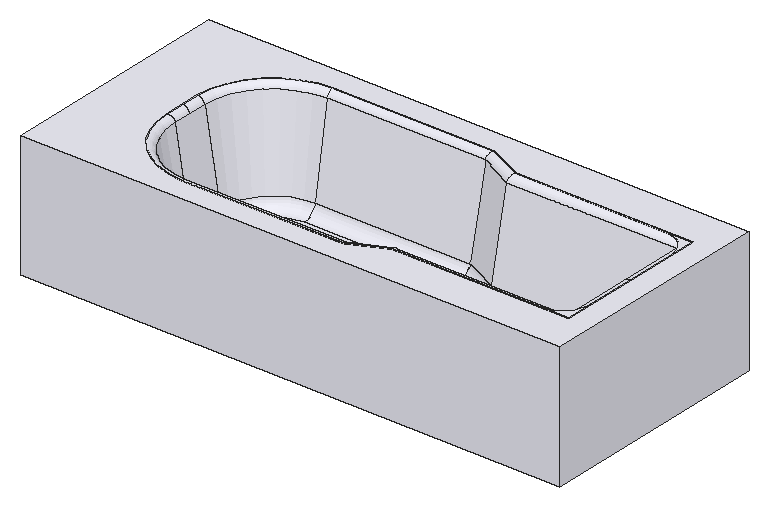
Revit family
Parameters (values of type "Amazone W1600*D700*H370")
  폭 = 700 mm
  Assembly Code = ""
  Manufacturer = "E-hwa hightecg"
  Model = "Amazone"
  길이 = 1600 mm
  bath material = pottery
Reference planes
  plane 1 "중심(앞/뒤)": y = 35
  plane 2: z = 0
  plane 3 "중심(왼쪽/오른쪽)": x = -115
  plane 4: x = -915
  plane 5: x = 685
  plane 6: y = 385
  plane 7: y = -315
Forms (mm)
  Extrusion 1, solid, material "pottery" <- "bath material"
    sketch origin (209.869, -222.587, 0) x (1, 0, 0) y (0, 1, 0)
      loop
        line (-1124.869, 607.587) -> (-1124.869, -92.413) -> (475.131, -92.413) -> (475.131, 607.587) -> (-1124.869, 607.587)
      loop
        line (-924.869, 312.932) -> (-924.869, 202.243)
        arc (-924.869, 202.243) -> (-859.069, 43.387) -> (-700.213, -22.413) r 224.655
        line (-700.213, -22.413) -> (-224.869, -22.413) -> (-119.869, 27.587) -> (323.686, 27.587)
        arc (323.686, 27.587) -> (381.276, 51.442) -> (405.131, 109.032) r 81.445
        line (405.131, 109.032) -> (405.131, 406.142)
        arc (405.131, 406.142) -> (381.276, 463.732) -> (323.686, 487.587) r 81.445
        line (323.686, 487.587) -> (-119.869, 487.587) -> (-224.869, 537.587) -> (-700.213, 537.587)
        arc (-700.213, 537.587) -> (-859.069, 471.787) -> (-924.869, 312.932) r 224.655
    from 0 to 370
  Extrusion 2, solid, material "pottery" <- "bath material"
    sketch origin (0, 0, 0) x (1, 0, 0) y (0, 1, 0)
      loop
        line (-490.345, -245) -> (-15, -245) -> (90, -195) -> (533.555, -195)
        arc (533.555, -195) -> (591.145, -171.145) -> (615, -113.555) r 81.445
        line (615, -113.555) -> (615, 183.555)
        arc (615, 183.555) -> (591.145, 241.145) -> (533.555, 265) r 81.445
        line (533.555, 265) -> (90, 265) -> (-15, 315) -> (-490.345, 315)
        arc (-490.345, 315) -> (-649.2, 249.2) -> (-715, 90.345) r 224.655
        line (-715, 90.345) -> (-715, -20.345)
        arc (-715, -20.345) -> (-649.2, -179.2) -> (-490.345, -245) r 224.655
    from 60 to 10
  Sweep 3, solid, material "pottery" <- "bath material"
    path origin (0, 0, 0) x (1, 0, 0) y (0, 1, 0)
      loop
        line (508, 158) -> (65.824, 158) -> (-39.176, 208) -> (-490.345, 208)
        arc (-490.345, 208) -> (-573.54, 173.54) -> (-608, 90.345) r 117.655
        line (-608, 90.345) -> (-608, 35) -> (-608, -20.345)
        arc (-608, -20.345) -> (-573.54, -103.54) -> (-490.345, -138) r 117.655
        line (-490.345, -138) -> (-39.176, -138) -> (65.824, -88) -> (508, -88) -> (508, 35) -> (508, 158)
    profile origin (-264.76, 0, 0) x (0, 1, 0) y (0, 0, 1)
      loop
        line (291.477, 353.188) -> (247.264, 93.292)
        arc (247.264, 93.292) -> (233.634, 69.436) -> (207.831, 60) r 40
        line (207.831, 60) -> (315, 60) -> (315, 370)
        arc (315, 370) -> (300.508, 365.415) -> (291.477, 353.188) r 24.601
Dimensions and locks
  Extrusion 1 to Extrusion 1 = 370 mm
  equal spacing: plane 7, plane 1 "중심(앞/뒤)", plane 6
  equal spacing: plane 4, plane 3 "중심(왼쪽/오른쪽)", plane 5
  "길이": plane 4 to plane 5
  "폭": plane 7 to plane 6
  aligned and locked: Extrusion 1 sketch curve to plane 4
  aligned and locked: plane 5 to Extrusion 1 sketch curve
  aligned and locked: plane 6 to Extrusion 1 sketch curve
  aligned and locked: plane 7 to Extrusion 1 sketch curve
Automatic sketch dimensions
  plane 1 "중심(앞/뒤)" to Extrusion 1 sketch curve = 55.345 mm
  Extrusion 1 sketch curve to Extrusion 1 sketch curve = 200 mm
  plane 1 "중심(앞/뒤)" to Extrusion 1 sketch curve = 280 mm
  Extrusion 1 sketch curve to plane 1 "중심(앞/뒤)" = 55.345 mm
  Extrusion 1 sketch curve to Extrusion 1 sketch curve = 0 mm  (x2)
  plane 3 "중심(왼쪽/오른쪽)" to Extrusion 1 sketch curve = 100 mm  (x2)
  Extrusion 1 sketch curve to Extrusion 1 sketch curve = 105 mm  (x2)
  plane 1 "중심(앞/뒤)" to Extrusion 1 sketch curve = 148.555 mm
  Extrusion 1 sketch curve to Extrusion 1 sketch curve = 81.445 mm
  Extrusion 1 sketch curve to Extrusion 1 sketch curve = 151.445 mm
  Extrusion 1 sketch curve to plane 1 "중심(앞/뒤)" = 148.555 mm
  Extrusion 2 sketch curve to plane 1 "중심(앞/뒤)" = 55.345 mm
  Extrusion 2 sketch curve to plane 3 "중심(왼쪽/오른쪽)" = 600 mm
  Extrusion 2 sketch curve to Extrusion 2 sketch curve = 224.655 mm  (x2)
  plane 3 "중심(왼쪽/오른쪽)" to Extrusion 2 sketch curve = 100 mm  (x2)
  Extrusion 2 sketch curve to Extrusion 2 sketch curve = 105 mm  (x2)
  plane 1 "중심(앞/뒤)" to Extrusion 2 sketch curve = 148.555 mm
  Extrusion 2 sketch curve to Extrusion 2 sketch curve = 443.555 mm
  Extrusion 2 sketch curve to plane 1 "중심(앞/뒤)" = 230 mm
  Extrusion 2 sketch curve to Extrusion 2 sketch curve = 0 mm
  Extrusion 2 sketch curve to Extrusion 2 sketch curve = 81.445 mm
  plane 1 "중심(앞/뒤)" to Extrusion 2 sketch curve = 280 mm
  Sweep 3 sketch curve to plane 1 "중심(앞/뒤)" = 0 mm  (x2)
  Sweep 3 sketch curve to plane 3 "중심(왼쪽/오른쪽)" = 493 mm
  Sweep 3 sketch curve to Sweep 3 sketch curve = 117.655 mm  (x2)
  plane 3 "중심(왼쪽/오른쪽)" to Sweep 3 sketch curve = 75.824 mm  (x2)
  Sweep 3 sketch curve to Sweep 3 sketch curve = 105 mm  (x2)
  plane 1 "중심(앞/뒤)" to Sweep 3 sketch curve = 123 mm
  Sweep 3 sketch curve to Sweep 3 sketch curve = 442.176 mm
  Sweep 3 sketch curve to Sweep 3 sketch curve = 50 mm  (x2)
  Sweep 3 sketch curve to plane 1 "중심(앞/뒤)" = 55.345 mm
  profile plane to Sweep 3 sketch curve = 0.17 mm
  Sweep 3 sketch curve to profile plane = 39.264 mm
  Sweep 3 sketch curve to profile plane = 83.477 mm
  Sweep 3 sketch curve to Sweep 3 sketch curve = 23.335 mm
  Sweep 3 sketch curve to Sweep 3 sketch curve = 67.736 mm
  Sweep 3 sketch curve to Sweep 3 sketch curve = 33.292 mm
  Sweep 3 sketch curve to Sweep 3 sketch curve = 252.108 mm
  Sweep 3 sketch curve to Sweep 3 sketch curve = 7.788 mm
